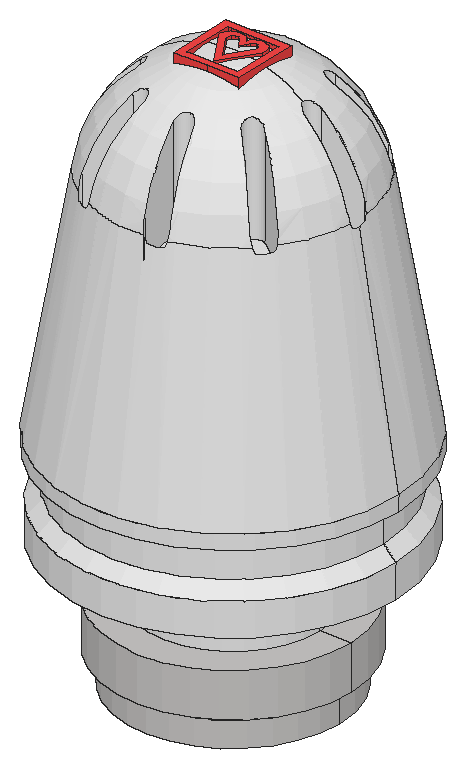
Revit family "Термостатическая головка HERZ-Design-MINI Turbo, с присоединительной резьбой М 28х1.5, 9200 13", category Rohrzubehör, Revit 2021
Family settings
  Bemaßung runder Anschluss = Durchmesser verwenden
  Teiletyp = Normal
  OmniClass-Nummer = 23.65.55.14
  OmniClass-Titel = Valves for Liquid Services
  Arbeitsebenenbasiert = Nein
  Immer vertikal = Nein
  Beim Laden mit Abzugskörper schneiden = Nein
  Gemeinsam genutzt = Nein
Parameters
  Принцип действия = "HERZ-термостатическая головка является датчиком прямого регулирования.\r\nИзменение объема жидкости в HERZ-гидросенсоре приводит в движение шток клапана."
  Область применения = "Для монтажа на всех HERZ-клапанах, предназначенных для термостатической работы."
  Номер заказа = 1920013  # constant formula
  Морозозащита = 6 °C  # constant formula
  Маховик = "Пластик, белый"  # constant formula
  Диапазон регулирования с морозозащитой = "6-30°C"  # constant formula
  Диапазон регулирования = "0-30°C"  # constant formula
  Vorgabe-Ansicht = 0 mm
  URL = "www.herz-armaturen.ru"
  S02 = 60 mm  # constant formula
  S01 = 73 mm  # constant formula
  Позиция теплового запирания "0" = "Термостатическая головка с жидкостным датчиком (гидросенсором) с позициями теплового запираниия \"0\" и морозозащиты, с ограничением и блокировкой диапазона регулирования."
  Hersteller = "HERZ Armaturen Ges.m.b.H."  # constant formula
  Позиция морозозащиты * = "Термостатическая головка с жидкостным датчиком (гидросенсором) с позицией морозозащиты и ограничением, блокировкой диапазона регулирования."
Reference planes
  plane 1 "Mitte (Vorne/hinten)": y = 0
  plane 2: z = 0
  plane 3 "Mitte (Links/rechts)": x = 0
Forms (mm)
  Revolve 1, solid, material "Kunststoff weiß", detail levels fine
    sketch origin (0, 0, 0) x (1, 0, 0) y (0, 0, 1)
      loop
        line (0, 0) -> (0, 73)
        arc (0, 73) -> (-11.397, 68.78) -> (-17.297, 58.156) r 17.5
        arc (-17.297, 58.156) -> (-20.011, 42.065) -> (-22.88, 26) r 1681.293
        line (-22.88, 26) -> (-22.88, 24) -> (-20.75, 24) -> (-20.75, 19.25) -> (-22.5, 17.5) -> (-22.5, 13) -> (-12.8, 13)
        arc (-12.8, 13) -> (-12.234, 12.766) -> (-12, 12.2) r 0.8
        line (-12, 12.2) -> (-12, 4.8) -> (-13.2, 4.8) -> (-13.2, 0) -> (0, 0)
      axis (0, 73) -> (0, 0)
    angle from 0 to 360
  Revolve 2, solid, material "Messing verzinkt", detail levels fine
    sketch origin (0, 0, 0) x (1, 0, 0) y (0, 0, 1)
      loop
        line (0, 0) -> (0, 5.5) -> (-16.35, 5.5) -> (-16.35, -0.576) -> (-14.75, -1.5) -> (-14.75, -5) -> (-13.35, -5) -> (-13.35, 0) -> (0, 0)
      axis (0, 5.5) -> (0, -5)
    angle from 0 to 360
  Extrusion 3, void
    sketch origin (0, 0, 0) x (1, 0, 0) y (0, 1, 0)
      loop
        arc (11.027, 1.298) -> (9.8, 0) -> (11.027, -1.298) r 1.3
        line (11.027, -1.298) -> (16.77, -1.62)
        arc (16.77, -1.62) -> (17.178, -1.485) -> (17.384, -1.107) r 0.586
        arc (17.384, -1.107) -> (17.453, 0.011) -> (17.382, 1.129) r 9
        arc (17.382, 1.129) -> (17.183, 1.492) -> (16.79, 1.621) r 0.564
        line (16.79, 1.621) -> (11.027, 1.298)
      loop
        line (9.282, 6.094) -> (13.904, 9.55)
        arc (13.904, 9.55) -> (14.121, 9.902) -> (14.04, 10.308) r 0.564
        arc (14.04, 10.308) -> (13.376, 11.21) -> (12.605, 12.023) r 9
        arc (12.605, 12.023) -> (12.205, 12.18) -> (11.805, 12.021) r 0.586
        line (11.805, 12.021) -> (7.613, 8.082)
        arc (7.613, 8.082) -> (7.507, 6.299) -> (9.282, 6.094) r 1.3
      loop
        arc (0.637, 11.085) -> (1.702, 9.651) -> (3.193, 10.634) r 1.3
        line (3.193, 10.634) -> (4.508, 16.234)
        arc (4.508, 16.234) -> (4.445, 16.659) -> (4.109, 16.928) r 0.586
        arc (4.109, 16.928) -> (3.02, 17.189) -> (1.907, 17.313) r 9
        arc (1.907, 17.313) -> (1.515, 17.181) -> (1.319, 16.816) r 0.564
        line (1.319, 16.816) -> (0.637, 11.085)
      loop
        line (-4.39, 10.199) -> (-6.991, 15.351)
        arc (-6.991, 15.351) -> (-7.3, 15.626) -> (-7.713, 15.617) r 0.564
        arc (-7.713, 15.617) -> (-8.717, 15.12) -> (-9.651, 14.501) r 9
        arc (-9.651, 14.501) -> (-9.875, 14.134) -> (-9.788, 13.713) r 0.586
        line (-9.788, 13.713) -> (-6.638, 8.901)
        arc (-6.638, 8.901) -> (-4.9, 8.487) -> (-4.39, 10.199) r 1.3
      loop
        arc (-10.806, 2.552) -> (-9.209, 3.352) -> (-9.918, 4.991) r 1.3
        line (-9.918, 4.991) -> (-15.204, 7.258)
        arc (-15.204, 7.258) -> (-15.634, 7.271) -> (-15.957, 6.986) r 0.586
        arc (-15.957, 6.986) -> (-16.404, 5.959) -> (-16.719, 4.884) r 9
        arc (-16.719, 4.884) -> (-16.657, 4.475) -> (-16.332, 4.219) r 0.564
        line (-16.332, 4.219) -> (-10.806, 2.552)
      loop
        line (-10.806, -2.552) -> (-16.332, -4.219)
        arc (-16.332, -4.219) -> (-16.657, -4.475) -> (-16.719, -4.884) r 0.564
        arc (-16.719, -4.884) -> (-16.404, -5.959) -> (-15.957, -6.986) r 9
        arc (-15.957, -6.986) -> (-15.634, -7.271) -> (-15.204, -7.258) r 0.586
        line (-15.204, -7.258) -> (-9.918, -4.991)
        arc (-9.918, -4.991) -> (-9.209, -3.352) -> (-10.806, -2.552) r 1.3
      loop
        arc (9.282, -6.094) -> (7.507, -6.299) -> (7.613, -8.082) r 1.3
        line (7.613, -8.082) -> (11.805, -12.021)
        arc (11.805, -12.021) -> (12.205, -12.18) -> (12.605, -12.023) r 0.586
        arc (12.605, -12.023) -> (13.376, -11.21) -> (14.04, -10.308) r 9
        arc (14.04, -10.308) -> (14.121, -9.902) -> (13.904, -9.55) r 0.564
        line (13.904, -9.55) -> (9.282, -6.094)
      loop
        line (0.637, -11.085) -> (1.319, -16.816)
        arc (1.319, -16.816) -> (1.515, -17.181) -> (1.907, -17.313) r 0.564
        arc (1.907, -17.313) -> (3.02, -17.189) -> (4.109, -16.928) r 9
        arc (4.109, -16.928) -> (4.445, -16.659) -> (4.508, -16.234) r 0.586
        line (4.508, -16.234) -> (3.193, -10.634)
        arc (3.193, -10.634) -> (1.702, -9.651) -> (0.637, -11.085) r 1.3
      loop
        arc (-4.39, -10.199) -> (-4.9, -8.487) -> (-6.638, -8.901) r 1.3
        line (-6.638, -8.901) -> (-9.788, -13.713)
        arc (-9.788, -13.713) -> (-9.875, -14.134) -> (-9.651, -14.501) r 0.586
        arc (-9.651, -14.501) -> (-8.717, -15.12) -> (-7.713, -15.617) r 9
        arc (-7.713, -15.617) -> (-7.3, -15.626) -> (-6.991, -15.351) r 0.564
        line (-6.991, -15.351) -> (-4.39, -10.199)
    from 55 to 73
Cuts and joins
  Extrusion 3 cuts Revolve 1
Lines and regions (mm)
  model lines, detail levels coarse+medium
    curve 1: line (0, 0, 0) -> (0, 0, 13)
    curve 2: line (0, -0.017, 0) -> (0, 13, 0)
    curve 3: circle (-0.018, 0, 43) r 30 normal (0, -1, 0)
    curve 4: circle (0, 0, 43) r 30 normal (1, 0, 0)
    curve 5: line (0, 0, 23) -> (0, 0, 63)
    curve 6: line (0, 17.5, 63) -> (0, -17.5, 63)
    curve 7: line (-0.018, 0, 23) -> (-0.018, 0, 63)
    curve 8: line (-17.518, 0, 63) -> (17.482, 0, 63)
    curve 9: circle (0, 43, 0) r 30 normal (0, 0, 1)
    curve 10: line (0, 63, 0) -> (0, 23, 0)
    curve 11: line (-17.5, 63, 0) -> (17.5, 63, 0)
Dimensions and locks
  "S01": curve 4 to plane 2
  "S01": curve 3 to plane 2
  "S01": plane 1 "Mitte (Vorne/hinten)" to curve 9
  "S02": diameter of curve 3
  "S02": diameter of curve 4
  "S02": diameter of curve 9
  aligned and locked: level to plane 2
Automatic sketch dimensions
  Revolve 1 sketch curve to level = 0 mm
  Revolve 1 sketch curve to plane 3 "Mitte (Links/rechts)" = 0 mm  (x2)
  Revolve 1 sketch curve to plane 3 "Mitte (Links/rechts)" = 12 mm
  Revolve 1 sketch curve to Revolve 1 sketch curve = 0.8 mm
  Revolve 1 sketch curve to Revolve 1 sketch curve = 1.2 mm
  Revolve 1 sketch curve to Revolve 1 sketch curve = 7.95 mm
  Revolve 1 sketch curve to Revolve 1 sketch curve = 1.75 mm  (x2)
  Revolve 1 sketch curve to Revolve 1 sketch curve = 2.13 mm
  level to Revolve 1 sketch curve = 329.658 mm
  Revolve 1 sketch curve to plane 3 "Mitte (Links/rechts)" = 1676.524 mm
  level to Revolve 1 sketch curve = 4.8 mm
  Revolve 1 sketch curve to Revolve 1 sketch curve = 7.4 mm
  Revolve 1 sketch curve to Revolve 1 sketch curve = 4.5 mm
  Revolve 1 sketch curve to Revolve 1 sketch curve = 4.75 mm
  Revolve 1 sketch curve to Revolve 1 sketch curve = 2 mm
  Revolve 1 sketch curve to Revolve 1 sketch curve = 29.5 mm
  Revolve 1 sketch curve to Revolve 1 sketch curve = 17.5 mm
  Revolve 1 sketch curve to level = 366.045 mm
  Revolve 1 sketch curve to Revolve 1 sketch curve = 2141.315 mm
  Revolve 2 sketch curve to level = 0 mm
  Revolve 2 sketch curve to plane 3 "Mitte (Links/rechts)" = 0 mm  (x2)
  Revolve 2 sketch curve to level = 5 mm
  Revolve 2 sketch curve to plane 3 "Mitte (Links/rechts)" = 13.35 mm
  Revolve 2 sketch curve to Revolve 2 sketch curve = 1.4 mm
  Revolve 2 sketch curve to level = 0.576 mm
  Revolve 2 sketch curve to Revolve 2 sketch curve = 1.6 mm
  Revolve 2 sketch curve to level = 1.5 mm
  level to Revolve 2 sketch curve = 5.5 mm
  Revolve 2 sketch curve to Revolve 2 sketch curve = 361.045 mm
  Revolve 2 sketch curve to Revolve 2 sketch curve = 2208.815 mm
  plane 1 "Mitte (Vorne/hinten)" to Extrusion 3 sketch curve = 0 mm  (x2)
  Extrusion 3 sketch curve to plane 1 "Mitte (Vorne/hinten)" = 4.219 mm
  Extrusion 3 sketch curve to plane 3 "Mitte (Links/rechts)" = 16.332 mm
  plane 1 "Mitte (Vorne/hinten)" to Extrusion 3 sketch curve = 4.219 mm
  Extrusion 3 sketch curve to Extrusion 3 sketch curve = 0 mm  (x11)
  Extrusion 3 sketch curve to Extrusion 3 sketch curve = 0.163 mm  (x2)
  Extrusion 3 sketch curve to Extrusion 3 sketch curve = 0.734 mm  (x2)
  plane 1 "Mitte (Vorne/hinten)" to Extrusion 3 sketch curve = 7.258 mm
  Extrusion 3 sketch curve to Extrusion 3 sketch curve = 0.231 mm  (x2)
  Extrusion 3 sketch curve to plane 1 "Mitte (Vorne/hinten)" = 7.258 mm
  plane 1 "Mitte (Vorne/hinten)" to Extrusion 3 sketch curve = 2.552 mm
  Extrusion 3 sketch curve to Extrusion 3 sketch curve = 5.526 mm
  Extrusion 3 sketch curve to plane 1 "Mitte (Vorne/hinten)" = 2.552 mm
  Extrusion 3 sketch curve to Extrusion 3 sketch curve = 0.375 mm  (x2)
  Extrusion 3 sketch curve to Extrusion 3 sketch curve = 0.512 mm  (x2)
  Extrusion 3 sketch curve to Extrusion 3 sketch curve = 5.416 mm  (x2)
  Extrusion 3 sketch curve to Extrusion 3 sketch curve = 0.49 mm  (x2)
  Extrusion 3 sketch curve to Extrusion 3 sketch curve = 2.488 mm  (x2)
  Extrusion 3 sketch curve to Extrusion 3 sketch curve = 1.803 mm  (x2)
  Extrusion 3 sketch curve to Extrusion 3 sketch curve = 0.504 mm  (x2)
  Extrusion 3 sketch curve to Extrusion 3 sketch curve = 3.281 mm  (x2)
  Extrusion 3 sketch curve to Extrusion 3 sketch curve = 1.088 mm  (x2)
  Extrusion 3 sketch curve to Extrusion 3 sketch curve = 1.16 mm  (x2)
  Extrusion 3 sketch curve to Extrusion 3 sketch curve = 1.324 mm  (x2)
  plane 3 "Mitte (Links/rechts)" to Extrusion 3 sketch curve = 0.637 mm  (x2)
  plane 3 "Mitte (Links/rechts)" to Extrusion 3 sketch curve = 1.319 mm  (x2)
  plane 3 "Mitte (Links/rechts)" to Extrusion 3 sketch curve = 1.468 mm  (x2)
  Extrusion 3 sketch curve to Extrusion 3 sketch curve = 0.561 mm  (x2)
  Extrusion 3 sketch curve to Extrusion 3 sketch curve = 1.291 mm  (x2)
  Extrusion 3 sketch curve to Extrusion 3 sketch curve = 1.266 mm  (x2)
  Extrusion 3 sketch curve to Extrusion 3 sketch curve = 2.058 mm  (x2)
  Extrusion 3 sketch curve to Extrusion 3 sketch curve = 0.57 mm  (x2)
  Extrusion 3 sketch curve to Extrusion 3 sketch curve = 5.007 mm  (x2)
  Extrusion 3 sketch curve to Extrusion 3 sketch curve = 1.138 mm  (x2)
  Extrusion 3 sketch curve to Extrusion 3 sketch curve = 1.978 mm
  Extrusion 3 sketch curve to Extrusion 3 sketch curve = 0.89 mm  (x2)
  Extrusion 3 sketch curve to Extrusion 3 sketch curve = 0.779 mm  (x2)
  plane 1 "Mitte (Vorne/hinten)" to Extrusion 3 sketch curve = 1.298 mm
  Extrusion 3 sketch curve to Extrusion 3 sketch curve = 2.575 mm
  Extrusion 3 sketch curve to Extrusion 3 sketch curve = 0.073 mm
  Extrusion 3 sketch curve to Extrusion 3 sketch curve = 4.192 mm  (x2)
  Extrusion 3 sketch curve to Extrusion 3 sketch curve = 0.401 mm  (x2)
  Extrusion 3 sketch curve to Extrusion 3 sketch curve = 1.36 mm  (x2)
  Extrusion 3 sketch curve to Extrusion 3 sketch curve = 0.338 mm  (x2)
  plane 1 "Mitte (Vorne/hinten)" to Extrusion 3 sketch curve = 1.62 mm
  Extrusion 3 sketch curve to Extrusion 3 sketch curve = 5.743 mm
  Extrusion 3 sketch curve to plane 1 "Mitte (Vorne/hinten)" = 1.621 mm
  Extrusion 3 sketch curve to Extrusion 3 sketch curve = 0.02 mm
  Extrusion 3 sketch curve to Extrusion 3 sketch curve = 0.033 mm
  Extrusion 3 sketch curve to Extrusion 3 sketch curve = 0.032 mm
  plane 1 "Mitte (Vorne/hinten)" to Extrusion 3 sketch curve = 7.32 mm
  Extrusion 3 sketch curve to Extrusion 3 sketch curve = 6.784 mm
  Extrusion 3 sketch curve to Extrusion 3 sketch curve = 1.004 mm
  Extrusion 3 sketch curve to Extrusion 3 sketch curve = 1.581 mm  (x2)
  Extrusion 3 sketch curve to Extrusion 3 sketch curve = 1.468 mm
  Extrusion 3 sketch curve to Extrusion 3 sketch curve = 0.712 mm  (x2)
  Extrusion 3 sketch curve to Extrusion 3 sketch curve = 0.452 mm  (x2)
  Extrusion 3 sketch curve to Extrusion 3 sketch curve = 2.31 mm  (x2)
  Extrusion 3 sketch curve to Extrusion 3 sketch curve = 0.297 mm  (x2)
  Extrusion 3 sketch curve to Extrusion 3 sketch curve = 1.591 mm  (x2)
  Extrusion 3 sketch curve to Extrusion 3 sketch curve = 0.427 mm  (x2)
  Extrusion 3 sketch curve to Extrusion 3 sketch curve = 4.812 mm  (x2)
  Extrusion 3 sketch curve to Extrusion 3 sketch curve = 0.321 mm  (x2)
  Extrusion 3 sketch curve to Extrusion 3 sketch curve = 1.063 mm  (x2)
  Extrusion 3 sketch curve to Extrusion 3 sketch curve = 0.254 mm  (x2)
  Extrusion 3 sketch curve to Extrusion 3 sketch curve = 5.599 mm  (x2)
  Extrusion 3 sketch curve to Extrusion 3 sketch curve = 0.134 mm  (x2)
  Extrusion 3 sketch curve to Extrusion 3 sketch curve = 0.382 mm  (x2)
  Extrusion 3 sketch curve to Extrusion 3 sketch curve = 0.067 mm  (x2)
  Extrusion 3 sketch curve to Extrusion 3 sketch curve = 0.947 mm
  Extrusion 3 sketch curve to Extrusion 3 sketch curve = 0.539 mm  (x2)
  Extrusion 3 sketch curve to Extrusion 3 sketch curve = 1.702 mm
  Extrusion 3 sketch curve to Extrusion 3 sketch curve = 2.439 mm
  Extrusion 3 sketch curve to Extrusion 3 sketch curve = 0.54 mm  (x2)
  Extrusion 3 sketch curve to Extrusion 3 sketch curve = 0.905 mm
  Extrusion 3 sketch curve to Extrusion 3 sketch curve = 0.585 mm
  Extrusion 3 sketch curve to Extrusion 3 sketch curve = 0.564 mm
  Extrusion 3 sketch curve to Extrusion 3 sketch curve = 0.339 mm
  Extrusion 3 sketch curve to Extrusion 3 sketch curve = 1.245 mm
  Extrusion 3 sketch curve to plane 1 "Mitte (Vorne/hinten)" = 5.433 mm
  Extrusion 3 sketch curve to Extrusion 3 sketch curve = 0.661 mm
  Extrusion 3 sketch curve to Extrusion 3 sketch curve = 1.041 mm
  Extrusion 3 sketch curve to Extrusion 3 sketch curve = 4.429 mm
  Extrusion 3 sketch curve to Extrusion 3 sketch curve = 2.891 mm
  Extrusion 3 sketch curve to Extrusion 3 sketch curve = 3.456 mm
  Extrusion 3 sketch curve to plane 1 "Mitte (Vorne/hinten)" = 1.298 mm  (x2)
  curve 5 to plane 1 "Mitte (Vorne/hinten)" = 0 mm
  curve 4 to plane 1 "Mitte (Vorne/hinten)" = 0 mm
  plane 1 "Mitte (Vorne/hinten)" to curve 6 = 17.5 mm
  curve 5 to curve 6 = 17.5 mm
  curve 5 to curve 4 = 20 mm
  curve 4 to curve 6 = 20 mm
  curve 1 to plane 3 "Mitte (Links/rechts)" = 0 mm
  curve 1 to level = 0 mm
  curve 3 to plane 3 "Mitte (Links/rechts)" = 0.018 mm
  curve 7 to plane 3 "Mitte (Links/rechts)" = 0.018 mm
  curve 8 to curve 7 = 17.5 mm
  plane 3 "Mitte (Links/rechts)" to curve 8 = 17.482 mm
  curve 1 to curve 7 = 10 mm
  curve 3 to curve 8 = 20 mm
  curve 9 to plane 3 "Mitte (Links/rechts)" = 0 mm
  curve 10 to plane 3 "Mitte (Links/rechts)" = 0 mm
  curve 2 to plane 3 "Mitte (Links/rechts)" = 0 mm
  curve 11 to curve 10 = 17.5 mm
  plane 3 "Mitte (Links/rechts)" to curve 11 = 17.5 mm
  plane 1 "Mitte (Vorne/hinten)" to curve 2 = 0.017 mm
  curve 2 to curve 10 = 10 mm
  curve 9 to curve 11 = 20 mm
Nested families
  nested 1: "Herz-Logo" at (0, 0, 71.5), type "Herz-Logo", detail levels fine
Definition of nested family "Herz-Logo"
  Parameters (values of type "Herz-Logo")
    Default Elevation = 0 mm
  Reference planes
    plane 1 "Mitte (Vorne/hinten)": y = 0
    plane 2: z = 0
    plane 3 "Mitte (Links/rechts)": x = 0
  Forms (mm)
    Extrusion 1, solid
      sketch origin (0, 0, 0) x (1, 0, 0) y (0, 1, 0)
        loop
          line (-0.018, -4.517) -> (4.482, -4.517) -> (4.482, 4.483) -> (-4.518, 4.483) -> (-4.518, -4.517) -> (-0.018, -4.517)
        loop
          line (-0.05, -3.48) -> (3.482, -3.48) -> (3.482, 3.483) -> (-3.518, 3.483) -> (-3.518, -3.48) -> (-0.05, -3.48)
        loop
          arc (-0.018, 2.383) -> (-1.543, 3.287) -> (-3.067, 2.383) r 1.738
          arc (-3.067, 2.383) -> (-3.191, 1.899) -> (-3.067, 1.415) r 1.009
          line (-3.067, 1.415) -> (-0.018, -3.281) -> (3.032, 1.415)
          arc (3.032, 1.415) -> (3.156, 1.899) -> (3.032, 2.383) r 1.009
          arc (3.032, 2.383) -> (1.507, 3.287) -> (-0.018, 2.383) r 1.738
        loop
          arc (1.885, 1.272) -> (2.005, 1.675) -> (1.885, 2.079) r 0.74
          arc (1.885, 2.079) -> (1.265, 2.416) -> (0.644, 2.079) r 0.74
          line (0.644, 2.079) -> (-0.018, 0.97) -> (-0.679, 2.079)
          arc (-0.679, 2.079) -> (-1.3, 2.416) -> (-1.921, 2.079) r 0.74
          arc (-1.921, 2.079) -> (-2.04, 1.675) -> (-1.921, 1.272) r 0.74
          line (-1.921, 1.272) -> (-0.018, -1.658) -> (1.885, 1.272)
      from 0 to 1.5
  Dimensions and locks
    aligned and locked: level to plane 2
